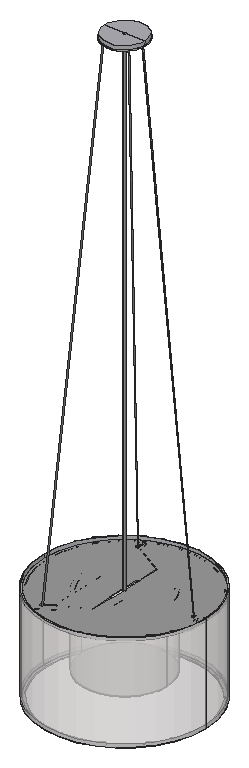
Revit family "Lighting - Lumetta - Pendant - P52314L2", category Lighting Fixtures, host Ceiling, Revit 2015
Parameters
  Wattage = 11.1351 W
  built-in parameter 1150110 = 1 (stored number, unit not read)
  URL = "https://lumetta.com/luminaires/drum-l2-23-pendant/"
  Type Comments = "Drum L2 23'' Pendant"  # constant formula
  built-in parameter 1114217 = 1 (stored number, unit not read)
  Top Lens-Material [instance] = Acrylic - 2447 - White
  Top Lens [instance] = yes
  built-in parameter 1150109 = 1 (stored number, unit not read)
  built-in parameter 1150134 = (empty or 0)
  Suspension [instance] = 1
  built-in parameter 1150113 = 1 (stored number, unit not read)
  Stem Hung-ALL Lamping [instance] = Suspension = 2  # no
  Light Source Symbol Size = 0' - 1"
  Diffuser Material-Inner [instance] = Shade - Lumetta - D61 - MT_White
  Coupling-Stems Over 60 inches [instance] = and([Stem Hung-ALL Lamping], Fixture Drop > 5' 0")  # no
  Model = "P52314L2"  # constant formula
  Manufacturer = "Lumetta, Inc."  # constant formula
  Lumens = 1236 lm
  built-in parameter 1150115 = 1 (stored number, unit not read)
  built-in parameter 1150105 = 98.358 (stored number, unit not read)
  built-in parameter 1150137 = (empty or 0)
  built-in parameter 1150139 = (empty or 0)
  built-in parameter 1150112 = 1 (stored number, unit not read)
  built-in parameter 1150114 = 1 (stored number, unit not read)
  built-in parameter 1150132 = 2
  built-in parameter 1150102 = (empty or 0)
  built-in parameter 1150138 = (empty or 0)
  built-in parameter 1150107 = 3000 (stored number, unit not read)
  built-in parameter 1150106 = 0.98358 (stored number, unit not read)
  Frame Finish [instance] = Paint - Lumetta - F02 - PC_Chrome
  Fixture Drop [instance] = 5' - 10"
  built-in parameter 1150104 = 10.312 (stored number, unit not read)
  Dimming Lamp Color Temperature Shift = (empty or 0)
  Diffuser Material-Outer [instance] = Shade - Lumetta - D61 - MT_White
  Description = "Drum L2 23'' Pendant"  # constant formula
  Cord [instance] = Suspension = 1  # yes
  3 Cables [instance] = Suspension = 1  # yes
  1CRD-3CBL-ALL Lamping [instance] = Suspension = 1  # yes
  Cord Color [instance] = Cord, Black
  Color Filter = 16777215
  built-in parameter 1114218 = 1 (stored number, unit not read)
  built-in parameter 1150133 = 10 (stored number, unit not read)
Reference planes (in)
  plane 1 "Light Source Axis (F/B)": y = 0
  plane 2 "Ceiling": z = 96
  plane 3 "Light Source Axis (L/R)": x = 0
  plane 4 "Light Source Elevation": z = 23.5
  plane 5 "Fixture-Top": z = 26
  plane 6 "Fixture-Radius": x = 11.5
  plane 7 "Fixture-Height": z = 12
  plane 8: through (0, 0, 0) normal (-0.5, -0.866, 0)
  plane 9: y = 0
  plane 10: through (0, 0, 0) normal (0.5, -0.866, 0)
  plane 11 "Plane-120": through (-5.75, 9.95929, 0) normal (0.5, -0.866, 0)
  plane 12 "Plane-240": through (-68.10383, 26.04071, 0) normal (0.5, 0.866, 0)
  plane 13: through (0, 0, 0) normal (-0.866, -0.5, 0)
  plane 14: through (0, 0, 0) normal (0.866, -0.5, 0)
Forms (in)
  Revolve 1, solid, material "Paint - Lumetta - F02 - PC_Chrome" <- "Frame Finish", visible <- "1CRD-3CBL-ALL Lamping"
    sketch origin (0, 0, 0) x (1, 0, 0) y (0, 0, 1)
      loop
        line (0, 96) -> (0, 95.4375) -> (3, 95.4375) -> (3, 95.5) -> (2.87509, 95.5) -> (2.87509, 96) -> (0, 96)
      axis (0, 96) -> (0, 95.4375)
    angle from 0 to 360
  Extrusion 2, void
    sketch origin (0, 0, 95.4375) x (0, -1, 0) y (1, 0, 0)
      loop
        circle (0, 0) r 0.25
      loop
        circle (0, 2.5) r 0.06274
      loop
        circle (-2.16506, -1.25) r 0.06274
      loop
        circle (2.16506, -1.25) r 0.06274
    from 0 to 0.06358
  Revolve 3, solid, material "Paint - Lumetta - F02 - PC_Chrome" <- "Frame Finish"
    sketch origin (0, 0, 0) x (1, 0, 0) y (0, 0, 1)
      loop
        line (11.5, 26) -> (11.43781, 26) -> (11.43781, 25.56373) -> (11.00031, 25.56373) -> (11.00031, 25.50123) -> (11.5, 25.50123) -> (11.5, 26)
      loop
        line (11.5, 12.50004) -> (11.43781, 12.50004) -> (11.43781, 12.06378) -> (11.00031, 12.06378) -> (11.00031, 12) -> (11.5, 12) -> (11.5, 12.50004)
      axis (0, 26) -> (0, 12)
    angle from 0 to 360
  Revolve 4, solid, material "Shade - Lumetta - D61 - MT_White" <- "Diffuser Material-Outer"
    sketch origin (0, 0, 0) x (1, 0, 0) y (0, 0, 1)
      loop
        line (11.5, 26) -> (11.5, 12) -> (11.56242, 12) -> (11.56242, 26) -> (11.5, 26)
      axis (0, 26) -> (0, 12)
    angle from 0 to 360
  Extrusion 5, solid, material "Paint - Lumetta - F02 - PC_Chrome" <- "Frame Finish", visible <- "Stem Hung-ALL Lamping"
    sketch origin (0, 0, 26) x (0, -1, 0) y (-1, 0, 0)
      loop
        circle (0, 0) r 0.25
    from 0.56254 to -70
  Revolve 6, solid, material "Paint - Lumetta - F02 - PC_Chrome" <- "Frame Finish", visible <- "Coupling-Stems Over 60 inches"
    sketch origin (0, 0, 0) x (1, 0, 0) y (0, 0, 1)
      loop
        line (0, 86.53023) -> (0, 86) -> (0.26233, 86)
        arc (0.26233, 86) -> (0.31307, 86.05074) -> (0.26233, 86.10149) r 0.05074
        arc (0.26233, 86.10149) -> (0.29304, 86.26499) -> (0.26243, 86.42851) r 0.45126
        arc (0.26243, 86.42851) -> (0.31329, 86.47937) -> (0.26243, 86.53023) r 0.05086
        line (0.26243, 86.53023) -> (0, 86.53023)
      axis (0, 86.53023) -> (0, 86)
    angle from 0 to 360
  Revolve 7, solid, material "Paint - Lumetta - F02 - PC_Chrome" <- "Frame Finish", visible <- "Stem Hung-ALL Lamping"
    sketch origin (0, 0, 0) x (1, 0, 0) y (0, 0, 1)
      loop
        line (0, 96) -> (0, 93.40625) -> (0.34988, 93.40625)
        arc (0.34988, 93.40625) -> (0.49124, 93.54417) -> (0.58115, 93.72) r 0.61026
        line (0.58115, 93.72) -> (3, 93.72) -> (3, 93.78) -> (2.875, 93.78) -> (2.875, 96) -> (0, 96)
      axis (0, 96) -> (0, 93.40625)
    angle from 0 to 360
  Extrusion 8, solid, material "Cord, Black" <- "Cord Color", visible <- "1CRD-3CBL-ALL Lamping"
    sketch origin (0, 0, 26) x (0, -1, 0) y (1, 0, 0)
      loop
        circle (0, 0) r 0.15674
    from -0.56254 to 70
  Extrusion 9, solid
    sketch origin (0, 0, 26) x (0, -1, 0) y (1, 0, 0)
      loop
        line (-0.5, 10.98559) -> (-0.5, 10.25) -> (0.5, 10.25) -> (0.5, 10.98559)
        arc (0.5, 10.98559) -> (0, 10.99696) -> (-0.5, 10.98559) r 10.99696
      loop
        circle (0, 10.5) r 0.11051
      loop
        arc (-9.7667, -5.06146) -> (-9.52654, -5.50015) -> (-9.2667, -5.92748) r 11.00031
        line (-9.2667, -5.92748) -> (-8.62676, -5.55801) -> (-9.12676, -4.69199) -> (-9.7667, -5.06146)
      loop
        circle (-9.09327, -5.25) r 0.10826
      loop
        arc (9.2638, -5.92581) -> (9.52365, -5.49848) -> (9.7638, -5.05978) r 10.99696
        line (9.7638, -5.05978) -> (9.12676, -4.69199) -> (8.62676, -5.55801) -> (9.2638, -5.92581)
      loop
        circle (9.09327, -5.25) r 0.10826
    from -0.43627 to -0.49877
  Extrusion 10, solid
    sketch origin (0, 0, 26) x (0, -1, 0) y (1, 0, 0)
      loop
        circle (0, 10.5) r 0.11051
      loop
        line (-0.76833, 10.73292) -> (-0.76833, 9.96921) -> (-9.05442, -4.38271) -> (-9.66082, -4.73282) -> (-8.91082, -6.03185) -> (-8.24943, -5.65) -> (8.32275, -5.65) -> (8.92915, -6.0001) -> (9.67915, -4.70107) -> (9.01776, -4.31921) -> (0.73167, 10.03271) -> (0.73167, 10.73292) -> (-0.76833, 10.73292)
      loop
        circle (0, 9.75) r 0.15796
      loop
        circle (-9.09327, -5.25) r 0.11051
      loop
        circle (-8.44375, -4.875) r 0.15796
      loop
        circle (9.09327, -5.25) r 0.11051
      loop
        circle (8.44375, -4.875) r 0.15796
      loop
        arc (6.48437, -3.9625) -> (6.67381, -3.85313) -> (6.67381, -3.63438) r 0.21875
        line (6.67381, -3.63438) -> (0.18944, 7.59687)
        arc (0.18944, 7.59687) -> (0, 7.70625) -> (-0.18944, 7.59687) r 0.21875
        line (-0.18944, 7.59687) -> (-6.67381, -3.63438)
        arc (-6.67381, -3.63438) -> (-6.67381, -3.85313) -> (-6.48437, -3.9625) r 0.21875
        line (-6.48437, -3.9625) -> (6.48437, -3.9625)
    from -0.5625 to -0.49877
  Sweep 11, solid, material "Steel, Galvanized", visible <- "1CRD-3CBL-ALL Lamping"
    path origin (0, 0, 0) x (1, 0, 0) y (0, 0, 1)
      loop
        line (2.5, 95.50108) -> (9.75, 25.50123)
    profile origin (6.125, 0, 60.50116) x (0.994679, 0, 0.103021) y (0, -1, 0)
      loop
        circle (0, 0) r 0.03083
  Sweep 12, solid, material "Steel, Galvanized", visible <- "1CRD-3CBL-ALL Lamping"
    path origin (0, 0, 0) x (-0.5, 0.866025, 0) y (0, 0, 1)
      loop
        line (2.5, 95.50108) -> (9.75, 25.50123)
    profile origin (-3.0625, 5.30441, 60.50116) x (-0.49734, 0.861417, 0.103021) y (0.866025, 0.5, 0)
      loop
        circle (0, 0) r 0.03083
  Sweep 13, solid, material "Steel, Galvanized", visible <- "1CRD-3CBL-ALL Lamping"
    path origin (0, 0, 0) x (-0.5, -0.866025, 0) y (0, 0, 1)
      loop
        line (2.5, 95.50108) -> (9.75, 25.50123)
    profile origin (-3.0625, -5.30441, 60.50116) x (-0.49734, -0.861417, 0.103021) y (-0.866025, 0.5, 0)
      loop
        circle (0, 0) r 0.03083
  Extrusion 14, solid
    sketch origin (0, 0, 26) x (0, -1, 0) y (1, 0, 0)
      loop
        line (-5.29719, -1.25) -> (5.29719, -1.25) -> (3.85381, 1.25) -> (-3.85381, 1.25) -> (-5.29719, -1.25)
      loop
        circle (0, 0) r 0.28281
    from -0.56254 to -0.49877
  Extrusion 15, solid, material "Acrylic - 2447 - White" <- "Top Lens-Material", visible <- "Top Lens"
    sketch origin (0, 0, 26) x (0, -1, 0) y (1, 0, 0)
      loop
        line (-2.50665, 0.05287) -> (-5.59142, 0.05287) -> (-8.30557, -4.64816)
        arc (-8.30557, -4.64816) -> (-8.63313, -5.06123) -> (-8.21462, -4.74064) r 0.26561
        line (-8.21462, -4.74064) -> (-5.51925, -0.07213) -> (-2.50665, -0.07213)
        arc (-2.50665, -0.07213) -> (-2.4132, -0.21734) -> (-2.25, -0.27378) r 0.26415
        line (-2.25, -0.27378) -> (2.25, -0.27378)
        arc (2.25, -0.27378) -> (2.41692, -0.21436) -> (2.50874, -0.06284) r 0.26415
        line (2.50874, -0.06284) -> (5.51389, -0.06284) -> (8.2155, -4.74217)
        arc (8.2155, -4.74217) -> (8.63236, -5.05984) -> (8.30633, -4.64949) r 0.26408
        line (8.30633, -4.64949) -> (5.58567, 0.06284) -> (2.50402, 0.06284)
        arc (2.50402, 0.06284) -> (2.40911, 0.20123) -> (2.25, 0.25453) r 0.26415
        line (2.25, 0.25453) -> (-2.25, 0.25453)
        arc (-2.25, 0.25453) -> (-2.4132, 0.19808) -> (-2.50665, 0.05287) r 0.26415
      loop
        circle (0, 9.75) r 0.26626
      loop
        circle (0, 0) r 11.34375
    from -0.43627 to -0.375
  Revolve 16, solid, material "Paint - Lumetta - F02 - PC_Chrome" <- "Frame Finish", visible <- "1CRD-3CBL-ALL Lamping"
    sketch origin (0, 0, 0) x (1, 0, 0) y (0, 0, 1)
      loop
        line (0, 95.4375) -> (0, 95.3765) -> (0.37481, 95.3765) -> (0.37481, 95.4375) -> (0, 95.4375)
      axis (0, 95.4375) -> (0, 95.3765)
    angle from 0 to 360
  Revolve 17, solid, material "Shade - Lumetta - D61 - MT_White" <- "Diffuser Material-Inner"
    sketch origin (0, 0, 0) x (1, 0, 0) y (0, 0, 1)
      loop
        line (11.43781, 12.06378) -> (11.43781, 25.50123) -> (11.40601, 25.50123) -> (11.40601, 12.06378) -> (11.43781, 12.06378)
      axis (0, 25.50123) -> (0, 12.06378)
    angle from 0 to 360
  Extrusion 18, solid, material "Acrylic - 2447 - White"
    sketch origin (0, 0, 26) x (0, -1, 0) y (1, 0, 0)
      loop
        circle (0, 0) r 6
      loop
        arc (-1.375, -5.32535) -> (-0.94381, -5.23651) -> (-0.75, -4.84123) r 0.5
        line (-0.75, -4.84123) -> (-0.75, -4.0625)
        arc (-0.75, -4.0625) -> (-0.73169, -4.01831) -> (-0.6875, -4) r 0.0625
        line (-0.6875, -4) -> (0.6875, -4)
        arc (0.6875, -4) -> (0.73169, -4.01831) -> (0.75, -4.0625) r 0.0625
        line (0.75, -4.0625) -> (0.75, -4.84123)
        arc (0.75, -4.84123) -> (0.94381, -5.23651) -> (1.375, -5.32535) r 0.5
        arc (1.375, -5.32535) -> (5.5, 0) -> (1.375, 5.32535) r 5.5
        arc (1.375, 5.32535) -> (0.94381, 5.23651) -> (0.75, 4.84123) r 0.5
        line (0.75, 4.84123) -> (0.75, 4.0625)
        arc (0.75, 4.0625) -> (0.73169, 4.01831) -> (0.6875, 4) r 0.0625
        line (0.6875, 4) -> (-0.6875, 4)
        arc (-0.6875, 4) -> (-0.73169, 4.01831) -> (-0.75, 4.0625) r 0.0625
        line (-0.75, 4.0625) -> (-0.75, 4.84123)
        arc (-0.75, 4.84123) -> (-0.94381, 5.23651) -> (-1.375, 5.32535) r 0.5
        arc (-1.375, 5.32535) -> (-5.5, 0) -> (-1.375, -5.32535) r 5.5
      loop
        circle (0, -4.42962) r 0.106
      loop
        circle (0, 4.42962) r 0.106
    from -0.68777 to -0.55153
  Extrusion 19, solid, material "Acrylic - 2447 - White"
    sketch origin (0, 0, 26) x (0, -1, 0) y (1, 0, 0)
      loop
        circle (0, 0) r 6
    from -10.56124 to -10.43979
  Revolve 20, solid, material "Shade - Lumetta - D61 - MT_White"
    sketch origin (0, 0, 0) x (1, 0, 0) y (0, 0, 1)
      loop
        line (6.0001, 25.44847) -> (6.0001, 15.43876) -> (6.03095, 15.43876) -> (6.03095, 25.44847) -> (6.0001, 25.44847)
      axis (0, 15.43876) -> (0, 25.44847)
    angle from 0 to 360
Dimensions and locks (in)
  equal spacing: host sketch curve, plane 3 "Light Source Axis (L/R)", host sketch curve
  equal spacing: host sketch curve, plane 1 "Light Source Axis (F/B)", host sketch curve
  host sketch curve to host sketch curve = 10' - 0"  (x2)
  "Fixture Drop": plane 2 "Ceiling" to plane 5 "Fixture-Top"
  locked: plane 5 "Fixture-Top" to plane 4 "Light Source Elevation" at 2.5
  locked: plane 6 "Fixture-Radius" to plane 3 "Light Source Axis (L/R)" at 11.5
  locked: plane 5 "Fixture-Top" to plane 7 "Fixture-Height" at 14
  locked: Extrusion 2 sketch curve to Extrusion 2 sketch curve at 2.5
  locked: plane 6 "Fixture-Radius" to Revolve 3 sketch curve at 0.06219  (x2)
  locked: Revolve 4 sketch curve to plane 6 "Fixture-Radius" at 0.06242
  locked: Revolve 3 to Revolve 4 at 0.06378
  locked: Extrusion 5 sketch curve to imposter light
  locked: Extrusion 5 sketch curve to imposter light at 0
  Revolve 6 sketch curve to Revolve 6 sketch curve = 0' - 0.15822"
  locked: Revolve 6 sketch curve to Revolve 4 at 60
  locked: Revolve 6 sketch curve to Revolve 6 sketch curve at 0.53023
  locked: Revolve 6 sketch curve to Revolve 6 sketch curve at 0.26243
  locked: Revolve 6 sketch curve to Revolve 6 sketch curve at 0.26233
  locked: Revolve 6 sketch curve to Revolve 6 sketch curve at 0.05074
  locked: Revolve 6 sketch curve to Revolve 6 sketch curve at 0.47937
  locked: Revolve 6 sketch curve to Revolve 6 sketch curve at 0.26512
  locked: Revolve 7 sketch curve to Revolve 7 sketch curve at 2.875
  locked: Revolve 7 sketch curve to Revolve 7 sketch curve at 0.31375
  locked: plane 5 "Fixture-Top" to Revolve 3 sketch curve at 0.49877
  locked: Revolve 3 sketch curve to Revolve 3 sketch curve at 0.0625
  locked: Revolve 3 sketch curve to plane 7 "Fixture-Height" at 0.50004
  locked: plane 6 "Fixture-Radius" to Revolve 3 sketch curve at 0.49969
  locked: Revolve 1 sketch curve to Revolve 1 sketch curve at 0.0625
  locked: host ceiling to Revolve 1 sketch curve at 0.5625
  locked: Revolve 1 sketch curve to Revolve 1 sketch curve at 0.5625
  Revolve 1 sketch curve to Revolve 1 sketch curve = 0' - 2.87509"
  equal spacing: Extrusion 9 sketch curve, plane 1 "Light Source Axis (F/B)", Extrusion 9 sketch curve
  locked: Extrusion 9 sketch curve to plane 1 "Light Source Axis (F/B)" at 0.5
  locked: Extrusion 9 sketch curve to plane 6 "Fixture-Radius" at 1
  locked: Extrusion 9 sketch curve to plane 6 "Fixture-Radius" at 1.25
  locked: Extrusion 10 sketch curve to plane 6 "Fixture-Radius" at 1
  locked: Extrusion 10 sketch curve to plane 6 "Fixture-Radius" at 1.75
  locked: plane 10 to plane 11 "Plane-120" at 11.5
  locked: plane 12 "Plane-240" to plane 8 at 11.5
  locked: plane 11 "Plane-120" to Extrusion 9 sketch curve at 1.25
  locked: Extrusion 9 sketch curve to plane 11 "Plane-120" at 1
  locked: plane 12 "Plane-240" to Extrusion 9 sketch curve at 1.25
  locked: Extrusion 9 sketch curve to plane 12 "Plane-240" at 1
  locked: Extrusion 10 sketch curve to plane 11 "Plane-120" at 0.76708
  locked: Extrusion 10 sketch curve to plane 12 "Plane-240" at 0.76708
  locked: Extrusion 10 sketch curve to plane 6 "Fixture-Radius" at 0.76708
  locked: Extrusion 10 sketch curve to plane 12 "Plane-240" at 1
  locked: Extrusion 10 sketch curve to plane 12 "Plane-240" at 1.75
  locked: Extrusion 10 sketch curve to plane 11 "Plane-120" at 1
  locked: Extrusion 10 sketch curve to plane 11 "Plane-120" at 1.75
  equal spacing: Extrusion 9 sketch curve, plane 13, Extrusion 9 sketch curve, locked at 0.5 each
  equal spacing: Extrusion 9 sketch curve, plane 14, Extrusion 9 sketch curve
  locked: plane 10 to Extrusion 2 sketch curve at 2.5
  locked: Extrusion 2 sketch curve to plane 8 at 2.5
  locked: Extrusion 10 sketch curve to Extrusion 10 sketch curve at 1.6875  (x3)
  locked: Extrusion 10 sketch curve to Extrusion 10 sketch curve at 1.5  (x3)
  plane 3 "Light Source Axis (L/R)" to Extrusion 14 sketch curve = 0' - 1 1/4"
  Extrusion 14 sketch curve to plane 3 "Light Source Axis (L/R)" = 0' - 1 1/4"
  locked: Extrusion 14 sketch curve to Extrusion 10 at 1.6875  (x2)
  locked: Extrusion 15 sketch curve to plane 9 at 2.25
  locked: Extrusion 15 sketch curve to plane 3 "Light Source Axis (L/R)" at 0.07213
  locked: plane 3 "Light Source Axis (L/R)" to Extrusion 15 sketch curve at 0.05287
  locked: plane 3 "Light Source Axis (L/R)" to Extrusion 15 sketch curve at 0.06284
  locked: Extrusion 15 sketch curve to plane 3 "Light Source Axis (L/R)" at 0.06284
  locked: Extrusion 15 sketch curve to plane 3 "Light Source Axis (L/R)" at 0.00963  (x2)
  locked: Extrusion 15 sketch curve to plane 11 "Plane-120" at 1.75
  locked: Extrusion 15 sketch curve to plane 12 "Plane-240" at 1.75
  locked: Extrusion 15 sketch curve to plane 6 "Fixture-Radius" at 1.75
  locked: Extrusion 15 sketch curve to Extrusion 10 at 0.78125  (x2)
  locked: Extrusion 15 sketch curve to Extrusion 15 sketch curve at 0.125  (x2)
  Extrusion 15 to plane 3 "Light Source Axis (L/R)" = 0' - 0.07213"
  locked: plane 5 "Fixture-Top" to Extrusion 15 at 0.375
  locked: Revolve 1 sketch curve to Revolve 1 sketch curve at 3
  locked: Revolve 1 sketch curve to Revolve 1 sketch curve at 2.87509
  locked: Revolve 1 to Revolve 16 sketch curve at 0.061
  locked: plane 3 "Light Source Axis (L/R)" to Revolve 16 sketch curve at 0.37481
  locked: plane 5 "Fixture-Top" to Revolve 17 sketch curve at 0.49877
  locked: Revolve 17 sketch curve to plane 7 "Fixture-Height" at 0.06378
  locked: plane 6 "Fixture-Radius" to Revolve 17 sketch curve at 0.06219
  locked: Revolve 17 sketch curve to Revolve 17 sketch curve at 0.0318
  locked: Extrusion 18 sketch curve to plane 3 "Light Source Axis (L/R)" at 4
  locked: plane 9 to Extrusion 18 sketch curve at 0.75  (x2)
  locked: Extrusion 18 sketch curve to plane 3 "Light Source Axis (L/R)" at 4.42962
  locked: plane 5 "Fixture-Top" to Extrusion 18 at 0.55153
  locked: Extrusion 18 to Extrusion 18 at 0.13624
  locked: Extrusion 18 to Extrusion 19 at 10.00971
  locked: Extrusion 19 to Extrusion 19 at 0.12145
  locked: Revolve 20 sketch curve to Extrusion 10 at 0.01097
  locked: Extrusion 19 to Revolve 20 sketch curve
  locked: Revolve 20 sketch curve to plane 3 "Light Source Axis (L/R)" at 6.03095
  locked: Revolve 20 sketch curve to Revolve 20 sketch curve at 0.03085
  locked: Extrusion 15 sketch curve to Extrusion 15 sketch curve (radius 0' - 11 11/32")
  diameter of Extrusion 18 sketch curve = 1' - 0"
  diameter of Extrusion 19 sketch curve = 1' - 0"
  aligned and locked: plane 3 "Light Source Axis (L/R)" to imposter light
  aligned and locked: plane 1 "Light Source Axis (F/B)" to imposter light
  aligned and locked: plane 4 "Light Source Elevation" to imposter light
  aligned and locked: Revolve 4 sketch curve to plane 3 "Light Source Axis (L/R)"
  aligned and locked: Revolve 6 sketch curve to Revolve 6 sketch curve  (x2)
  aligned and locked: host ceiling to Extrusion 5
  aligned and locked: Extrusion 9 to Revolve 3
  aligned and locked: Revolve 3 to Extrusion 9
  aligned and locked: Extrusion 10 to Extrusion 9
  aligned and locked: Extrusion 9 sketch curve to Revolve 3
  aligned and locked: host ceiling to Extrusion 8
  aligned and locked: Extrusion 14 to Extrusion 5
  aligned and locked: Revolve 3 to Extrusion 14
  aligned and locked: Extrusion 15 sketch curve to Extrusion 15 sketch curve  (x2)
  aligned and locked: Extrusion 15 to Revolve 3
  aligned and locked: plane 3 "Light Source Axis (L/R)" to Revolve 20 sketch curve
Automatic sketch dimensions
  Revolve 4 sketch curve to plane 6 "Fixture-Radius" = 0' - 0"
  Revolve 4 sketch curve to plane 7 "Fixture-Height" = 0' - 0"
  Revolve 4 sketch curve to plane 5 "Fixture-Top" = 0' - 0"
  plane 7 "Fixture-Height" to Revolve 4 sketch curve = 0' - 1 1/4"
  Revolve 4 sketch curve to plane 5 "Fixture-Top" = 0' - 2 1/4"
  Revolve 6 sketch curve to plane 3 "Light Source Axis (L/R)" = 0' - 0"
  Revolve 6 sketch curve to Revolve 6 sketch curve = 0' - 11.34317"
  Revolve 7 sketch curve to plane 3 "Light Source Axis (L/R)" = 0' - 0"  (x3)
  Revolve 7 sketch curve to plane 2 "Ceiling" = 0' - 0"
  plane 3 "Light Source Axis (L/R)" to Revolve 7 sketch curve = 0' - 0.34988"
  Revolve 7 sketch curve to Revolve 7 sketch curve = 0' - 0.23126"
  Revolve 7 sketch curve to Revolve 7 sketch curve = 0' - 0 1/8"
  Revolve 7 sketch curve to plane 2 "Ceiling" = 0' - 2 3/32"
  Revolve 7 sketch curve to Revolve 7 sketch curve = 0' - 0.06"
  plane 2 "Ceiling" to Revolve 7 sketch curve = 0' - 1 3/4"
  Revolve 7 sketch curve to Revolve 7 sketch curve = 0' - 2 1/2"
  plane 1 "Light Source Axis (F/B)" to Extrusion 8 sketch curve = 0' - 0"
  Extrusion 8 sketch curve to plane 3 "Light Source Axis (L/R)" = 0' - 0"
  Revolve 3 sketch curve to plane 3 "Light Source Axis (L/R)" = 0' - 0"
  Revolve 3 sketch curve to plane 7 "Fixture-Height" = 0' - 0"
  Revolve 3 sketch curve to plane 5 "Fixture-Top" = 0' - 0"
  Revolve 3 sketch curve to plane 6 "Fixture-Radius" = 0' - 0"  (x2)
  Revolve 3 sketch curve to level = 0' - 10"
  Revolve 3 sketch curve to plane 2 "Ceiling" = 0' - 1"
  Revolve 3 sketch curve to Revolve 3 sketch curve = 0' - 0 7/16"
  Revolve 3 sketch curve to Revolve 3 sketch curve = 0' - 0.06378"
  Extrusion 9 sketch curve to Extrusion 9 sketch curve = 0' - 0"  (x2)
  plane 1 "Light Source Axis (F/B)" to Extrusion 9 sketch curve = 0' - 0"  (x2)
  Extrusion 9 sketch curve to Extrusion 9 sketch curve = 0' - 0.03349"  (x2)
  Extrusion 9 sketch curve to Extrusion 9 sketch curve = 0' - 0.17053"
  Extrusion 9 sketch curve to plane 6 "Fixture-Radius" = 0' - 0.51441"
  Extrusion 9 sketch curve to plane 3 "Light Source Axis (L/R)" = 0' - 0"
  plane 14 to Extrusion 9 sketch curve = 0' - 0"
  plane 13 to Extrusion 9 sketch curve = 0' - 0"
  Extrusion 2 sketch curve to Revolve 1 = 0' - 0"
  Extrusion 2 sketch curve to Extrusion 2 sketch curve = 0' - 1 1/4"  (x2)
  Sweep 11 sketch curve to plane 2 "Ceiling" = 0' - 0.49892"
  plane 3 "Light Source Axis (L/R)" to Sweep 11 sketch curve = 0' - 2 1/2"
  plane 5 "Fixture-Top" to Sweep 11 sketch curve = 0' - 0.49877"
  Sweep 11 sketch curve to plane 6 "Fixture-Radius" = 0' - 1 3/4"
  Sweep 11 sketch curve to plane 1 "Light Source Axis (F/B)" = 0' - 0"
  Sweep 11 sketch curve to profile plane = 0' - 0"
  Sweep 12 sketch curve to plane 2 "Ceiling" = 0' - 0.49892"
  Sweep 12 sketch curve to plane 10 = 0' - 2 1/2"
  plane 5 "Fixture-Top" to Sweep 12 sketch curve = 0' - 0.49877"
  plane 11 "Plane-120" to Sweep 12 sketch curve = 0' - 1 3/4"
  Sweep 12 sketch curve to profile plane = 0' - 0"
  profile plane to Sweep 12 sketch curve = 0' - 0"
  Sweep 13 sketch curve to plane 2 "Ceiling" = 0' - 0.49892"
  plane 8 to Sweep 13 sketch curve = 0' - 2 1/2"
  plane 5 "Fixture-Top" to Sweep 13 sketch curve = 0' - 0.49877"
  plane 12 "Plane-240" to Sweep 13 sketch curve = 0' - 1 3/4"
  profile plane to Sweep 13 sketch curve = 0' - 0"  (x2)
  plane 13 to Extrusion 10 sketch curve = 0' - 0"  (x3)
  plane 1 "Light Source Axis (F/B)" to Extrusion 10 sketch curve = 0' - 0"  (x3)
  plane 14 to Extrusion 10 sketch curve = 0' - 0"  (x2)
  Extrusion 10 sketch curve to plane 14 = 0' - 0"
  Extrusion 10 sketch curve to Extrusion 10 sketch curve = 0' - 0.18245"
  Extrusion 10 sketch curve to plane 1 "Light Source Axis (F/B)" = 0' - 0.18944"
  plane 1 "Light Source Axis (F/B)" to Extrusion 10 sketch curve = 0' - 0.18944"
  plane 1 "Light Source Axis (F/B)" to Extrusion 10 sketch curve = 0' - 0.73167"
  Extrusion 10 sketch curve to Extrusion 10 sketch curve = 0' - 0.121"
  Extrusion 10 sketch curve to Extrusion 10 sketch curve = 0' - 0 7/64"
  Extrusion 10 sketch curve to Extrusion 10 sketch curve = 0' - 1.95938"
  Extrusion 10 sketch curve to Extrusion 10 sketch curve = 0' - 0 7/32"
  Extrusion 10 sketch curve to Extrusion 10 sketch curve = 0' - 0.18944"  (x2)
  Extrusion 10 sketch curve to Extrusion 10 sketch curve = 0' - 0.6064"
  Extrusion 10 sketch curve to Extrusion 10 sketch curve = 0' - 0.66139"
  plane 1 "Light Source Axis (F/B)" to Extrusion 14 sketch curve = 0' - 0"
  Extrusion 14 sketch curve to plane 3 "Light Source Axis (L/R)" = 0' - 0"
  plane 13 to Extrusion 15 sketch curve = 0' - 0"
  plane 1 "Light Source Axis (F/B)" to Extrusion 15 sketch curve = 0' - 0"  (x2)
  plane 14 to Extrusion 15 sketch curve = 0' - 0"
  Extrusion 15 sketch curve to plane 3 "Light Source Axis (L/R)" = 0' - 0"
  plane 1 "Light Source Axis (F/B)" to Extrusion 15 sketch curve = 0' - 2 1/4"
  Extrusion 15 sketch curve to Extrusion 15 sketch curve = 0' - 0.25665"
  Extrusion 15 sketch curve to Extrusion 15 sketch curve = 0' - 0.13436"
  Extrusion 15 sketch curve to Extrusion 15 sketch curve = 0' - 0.09083"
  Revolve 1 sketch curve to plane 3 "Light Source Axis (L/R)" = 0' - 0"  (x2)
  Revolve 1 sketch curve to plane 5 "Fixture-Top" = 0' - 1 1/4"
  Revolve 1 sketch curve to Revolve 1 sketch curve = 0' - 9 3/4"
  Revolve 16 sketch curve to plane 3 "Light Source Axis (L/R)" = 0' - 0"  (x2)
  Revolve 16 sketch curve to Revolve 16 sketch curve = 0' - 0.061"
  Revolve 16 sketch curve to Revolve 16 sketch curve = 0' - 0.82606"
  Revolve 16 sketch curve to plane 2 "Ceiling" = 0' - 0 1/4"
  Revolve 17 sketch curve to plane 3 "Light Source Axis (L/R)" = 0' - 0"
  Revolve 17 sketch curve to plane 7 "Fixture-Height" = 0' - 2.50123"
  plane 4 "Light Source Elevation" to Revolve 17 sketch curve = 0' - 0.99877"
  Extrusion 18 sketch curve to Extrusion 18 sketch curve = 0' - 0"  (x4)
  plane 1 "Light Source Axis (F/B)" to Extrusion 18 sketch curve = 0' - 0"  (x3)
  Extrusion 18 sketch curve to plane 3 "Light Source Axis (L/R)" = 0' - 0"
  Extrusion 18 sketch curve to Extrusion 18 sketch curve = 0' - 0 1/2"  (x4)
  Extrusion 18 sketch curve to Extrusion 18 sketch curve = 0' - 0 1/16"  (x4)
  plane 1 "Light Source Axis (F/B)" to Extrusion 18 sketch curve = 0' - 0 11/16"
  Extrusion 18 sketch curve to Extrusion 18 sketch curve = 0' - 0.77873"  (x4)
  Extrusion 18 sketch curve to Extrusion 18 sketch curve = 0' - 0.36712"
  Extrusion 18 sketch curve to Extrusion 18 sketch curve = 0' - 0 1/8"  (x2)
  Extrusion 18 sketch curve to plane 1 "Light Source Axis (F/B)" = 0' - 1 3/8"
  plane 1 "Light Source Axis (F/B)" to Extrusion 18 sketch curve = 0' - 1 3/8"
  plane 1 "Light Source Axis (F/B)" to Extrusion 19 sketch curve = 0' - 0"
  Extrusion 19 sketch curve to plane 3 "Light Source Axis (L/R)" = 0' - 0"
  plane 4 "Light Source Elevation" to Revolve 20 sketch curve = 0' - 4.06124"
  Revolve 20 sketch curve to Revolve 20 sketch curve = 0' - 2"
  radius of Extrusion 5 sketch curve = 0' - 0 1/4"
  radius of Extrusion 8 sketch curve = 0' - 0.15674"
  radius of Extrusion 9 sketch curve = 0' - 0.11051"
  radius of Extrusion 9 sketch curve = 0' - 0.10826"  (x2)
  radius of Extrusion 2 sketch curve = 0' - 0.06274"  (x3)
  radius of Sweep 11 sketch curve = 0' - 0.03083"
  radius of Sweep 12 sketch curve = 0' - 0.03083"
  radius of Sweep 13 sketch curve = 0' - 0.03083"
  radius of Extrusion 10 sketch curve = 0' - 0.11051"  (x3)
  radius of Extrusion 10 sketch curve = 0' - 0.15796"  (x3)
  radius of Extrusion 14 sketch curve = 0' - 0.28281"
  radius of Extrusion 15 sketch curve = 0' - 0.26626"
  radius of Extrusion 2 sketch curve to Revolve 1 = 0' - 2 3/4"
  radius of Extrusion 18 sketch curve = 0' - 0.106"  (x2)
